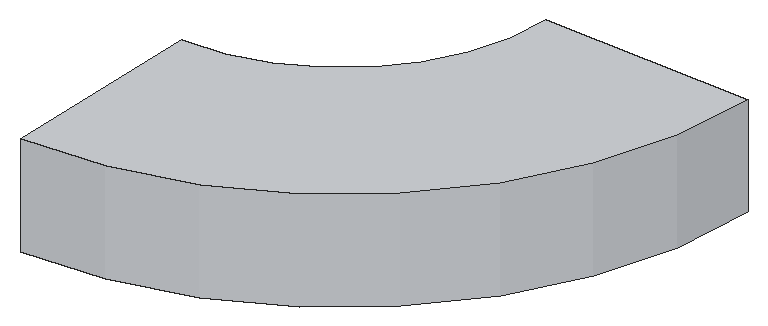
Revit family "M_Raio excêntrico do cotovelo retangular - DTL", category Conexões de duto, Revit 2019
Family settings
  Cota do conector redondo = Utilizar diâmetro
  Tipo de parte = Cotovelo
  Número OmniClass = 23.75.70.14
  Título OmniClass = Air Ductwork
  ID de item do Seek = Rectangular Elbow Eccentric Radius - DTL-0000-CAN-ENU
  Com base no plano de trabalho = Não
  Sempre na vertical = Sim
  Corte com vazios quando carregada = Não
  Compartilhado = Não
Parameters (values of type "Padrão")
  Visibilidade 2 [instance] = if(Comprimento 4 Vertical > Raio do centro, 1 > 0, Comprimento 3 + Entrada do comprimento reto < Comprimento 12 + 0.794 mm)  # no
  Visibilidade 1 [instance] = if(Comprimento 4 Vertical > Raio do centro, 0 > 1, or(Comprimento 3 + Entrada do comprimento reto > Comprimento 12 + 0.794 mm, Comprimento 3 + Entrada do comprimento reto = Comprimento 12 + 0.794 mm))  # yes
  Visibilidade da mudança superior [instance] = not(Mudança superior = 0 mm)  # no
  Visibilidade da saída reta [instance] = not(Entrada reta = 0 mm)  # no
  Saída reta [instance] = 0 mm
  Visibilidade da entrada reta [instance] = not(Entrada reta = 0 mm)  # no
  Entrada reta [instance] = 0 mm
  Saída de 1/4 de largura [instance] = Saída de largura / 4  # 228.6 mm
  Saída de 1/4 de altura [instance] = Mudança superior / 2  # 0 mm
  Deslocamento 2 [instance] = -1 * Entrada de meia largura  # -457.2 mm
  Comprimento 5 Vertical [instance] = Saída do comprimento reto * sin(Ângulo)  # 25.4 mm
  Comprimento 5 Horizontal [instance] = Saída do comprimento reto * cos(Ângulo)  # 0 mm
  Comprimento 4 Vertical [instance] = if(Saída reta = 0 mm, Comprimento 2 * cos(Ângulo) + Saída do comprimento reto * sin(Ângulo), Comprimento 2 * cos(Ângulo))  # 25.4 mm
  Comprimento 4 Horizontal [instance] = if(Saída reta = 0 mm, Comprimento 3 - Comprimento 2 * sin(Ângulo) + Saída do comprimento reto * cos(Ângulo), Comprimento 3 - Comprimento 2 * sin(Ângulo))  # 7315.2 mm
  Comprimento 3 [instance] = Comprimento 12 - Raio do centro * cos(Ângulo) / sin(Ângulo) + Comprimento 2 / sin(Ângulo)  # 8686.8 mm
  Comprimento 2 [instance] = Raio + Saída de largura / 2  # 1371.6 mm
  Comprimento 12 [instance] = 7315.2 mm  # constant formula
  Análise [instance] = if(Mudança superior = 0 mm, 1.587 mm, abs(Mudança superior))  # 1.587 mm
  Saída de meia largura [instance] = Saída de largura / 2  # 457.2 mm
  Entrada de meia largura [instance] = Entrada de largura / 2  # 457.2 mm
  Saída de meia profundidade [instance] = Saída de profundidade / 2  # 228.6 mm
  Entrada de largura [instance] = 914.4 mm
  Saída de largura [instance] = 914.4 mm
  built-in parameter 1114242 [instance] = (empty or 0)
  Mudança superior [instance] = 0 mm
  Saída do comprimento reto [instance] = if(Saída reta = 0 mm, 25.4 mm, Saída reta)  # 25.4 mm
  Entrada do comprimento reto [instance] = if(Entrada reta = 0 mm, 25.4 mm, Entrada reta)  # 25.4 mm
  Raio [instance] = 914.4 mm
  Largura do meio duto [instance] = if(Entrada de largura < Saída de largura, Saída de largura / 2, Entrada de largura / 2)  # 457.2 mm
  Meia largura vertical 2 [instance] = Meia largura vertical 1 + Mudança superior  # 457.2 mm
  Meia largura vertical 1 [instance] = if(Entrada de largura < Saída de largura, Saída de largura / 2, Entrada de largura / 2)  # 457.2 mm
  Deslocamento 1 [instance] = (Entrada de largura - Saída de largura) / 2  # 0 mm
  Saída de profundidade [instance] = 457.2 mm
  Entrada de profundidade [instance] = 457.2 mm
  Comprimento 1 [instance] = Raio do centro * tan(Ângulo / 2)  # 1371.6 mm
  Raio do centro [instance] = Raio + Entrada de largura / 2  # 1371.6 mm
  Mudança inferior [instance] = abs(Entrada de profundidade - Saída de profundidade) + Mudança superior  # 0 mm
  Ângulo [instance] = 90.00°
Reference planes
  plane 1 "Centro (Frente/Trás)": y = 0
  plane 2: z = 0
  plane 3 "Centro (Esquerda/Direita)": x = 0
  plane 4: z = -457.2
  plane 5: z = 457.2
  plane 6: z = 1.588
  plane 7: z = -1.588
  plane 8: x = 7315.2
  plane 9: y = 1371.6
  plane 10: x = -1371.6
  plane 11: x = -1371.6
  plane 12: x = -1346.2
  plane 13: x = 0
  plane 14: y = 1346.2
  plane 15: y = 1371.6
  plane 16: x = 0
  plane 17: y = -457.2
Forms (mm)
  SweptBlend 1, solid, detail levels medium+fine
    path in 3D
      loop
        arc (-1371.6, 0, 0) -> (-401.732, 401.732, 0) -> (0, 1371.6, 0) r 1371.6
    profile "M_Duto - Retangular : Duto - Retangular 1" origin (-1371.6, 0, 0) x (0, 1, 0) y (0, 0, 1)
      loop
        line (-457.2, 228.6) -> (-457.2, -228.6) -> (457.2, -228.6) -> (457.2, 228.6) -> (-457.2, 228.6)
    end profile "M_Duto - Retangular : Duto - Retangular 2" origin (0, 1371.6, 0) x (-1, 0, 0) y (0, 0, 1)
      loop
        line (-457.2, 228.6) -> (-457.2, -228.6) -> (457.2, -228.6) -> (457.2, 228.6) -> (-457.2, 228.6)
  Sweep 2, solid, visible <- "Visibilidade da saída reta", detail levels medium+fine
    path in 3D
      loop
        line (0, 1346.2, 0) -> (0, 1371.6, 0)
    profile "M_Duto - Retangular : Duto - Retangular 2" origin (0, 1358.9, 0) x (-1, 0, 0) y (0, 0, 1)
      loop
        line (-457.2, 228.6) -> (-457.2, -228.6) -> (457.2, -228.6) -> (457.2, 228.6) -> (-457.2, 228.6)
  Sweep 3, solid, not visible
    path in 3D
      loop
        line (0, 1346.2, 0) -> (0, 1371.6, 0)
    profile "M_Duto - Retangular : Duto - Meio retangular 1" origin (0, 1358.9, 0) x (-1, 0, 0) y (0, 0, 1)
      loop
        line (0, 0.794) -> (0, -0.794) -> (457.2, -0.794) -> (457.2, 0.794) -> (0, 0.794)
  Sweep 4, solid, visible <- "Visibilidade da entrada reta", detail levels medium+fine
    path in 3D
      loop
        line (-1346.2, -457.2, 0) -> (-1371.6, -457.2, 0)
    profile "M_Duto - Retangular : Duto - Retangular 1" origin (-1358.9, -457.2, 0) x (0, -1, 0) y (0, 0, 1)
      loop
        line (-914.4, 228.6) -> (-914.4, -228.6) -> (0, -228.6) -> (0, 228.6) -> (-914.4, 228.6)
Lines and regions (mm)
  model lines, detail levels coarse
    curve 1: line (258.862, 1260.5, 0.794) -> (258.862, 1260.5, -0.794)
  reference lines
    curve 2: arc (-1371.6, 0, 0) -> (-401.732, 401.732, 0) -> (0, 1371.6, 0) r 1371.6
    curve 11: line (-1346.2, -457.2, 0) -> (-1371.6, -457.2, 0)
  sketch lines
    curve 3: arc (-1371.6, 0, 0) -> (-401.732, 401.732, 0) -> (0, 1371.6, 0) r 1371.6
    curve 5: line (0, 1346.2, 0) -> (0, 1371.6, 0)
    curve 9: line (0, 1346.2, 0) -> (0, 1371.6, 0)
    curve 12: line (-1346.2, -457.2, 0) -> (-1371.6, -457.2, 0)
  model lines, not visible, detail levels coarse
    curve 4: line (0, 1346.2, 0) -> (0, 1371.6, 0)
  model lines, visible <- "Visibilidade 1", detail levels coarse
    curve 6: line (-1371.6, 0, 0) -> (0, 0, 0)
    curve 7: line (0, 0, 0) -> (0, 1371.6, 0)
  model lines, visible <- "Visibilidade 2", detail levels coarse
    curve 8: line (-1371.6, 0, 0) -> (0, 1371.6, 0)
  model lines, visible <- "Visibilidade da mudança superior", detail levels coarse
    curve 10: line (0, 1371.6, 0.794) -> (0, 1371.6, -0.794)
Dimensions and locks
  "Meia largura vertical 1": plane 4 to plane 2
  "Meia largura vertical 2": plane 2 to plane 5
  "Análise": plane 6 to plane 2
  "Análise": plane 7 to plane 2
  "Comprimento 12": plane 3 "Centro (Esquerda/Direita)" to plane 8
  "Raio do centro": plane 1 "Centro (Frente/Trás)" to plane 9
  "Comprimento 3": plane 10 to plane 8
  "Entrada reta": plane 11 to plane 10
  "Entrada do comprimento reto": plane 11 to plane 12
  "Comprimento 4 Horizontal": plane 13 to plane 8
  "Comprimento 4 Vertical": plane 9 to plane 14
  "Comprimento 5 Horizontal": plane 13 to plane 16
  "Comprimento 5 Vertical": plane 15 to plane 14
  "Entrada de meia largura": plane 17 to plane 1 "Centro (Frente/Trás)"
  "Raio do centro": radius of curve 2
  "Ângulo": angle curve 2 to curve 2
  aligned and locked: plane 10 to curve 2  (x2)
  aligned and locked: plane 9 to curve 2
  aligned and locked: plane 16 to curve 4
  aligned and locked: plane 14 to curve 4
  aligned and locked: plane 13 to curve 4
  aligned and locked: plane 1 "Centro (Frente/Trás)" to curve 7
  aligned and locked: plane 3 "Centro (Esquerda/Direita)" to curve 7
  aligned and locked: plane 15 to curve 7
  aligned and locked: plane 1 "Centro (Frente/Trás)" to curve 8
  aligned and locked: curve 10 to Sweep 3
  aligned and locked: plane 11 to curve 11
  aligned and locked: plane 12 to curve 11
  aligned and locked: curve 11 to plane 17
Automatic sketch dimensions
  curve 1 to level = 0.794 mm
  level to curve 1 = 0.794 mm
  curve 10 to Sweep 3 = 0 mm  (x2)
  curve 8 to plane 11 = 0 mm
Connectors
  hvac at (-1371.6, 0, 0), driven by "Ângulo", driven by "Entrada de profundidade", driven by "Entrada de largura"
    settings: on Sweep 4, index 1, duct flow 0.0 L/s, flow factor 0, pres drop 0.0 Pa, loss coef 0, conn angle 90.00°, conn width 914.4 mm, conn height 457.2 mm, conn diameter 609.6 mm, duct sys type 28, conn prof type 1, flow config 0, flow direction 0, loss method 0, conn ref index 2, conn util no, is conn primary yes, conn desc ""
  hvac at (0, 1371.6, 0), driven by "Ângulo", driven by "Saída de profundidade", driven by "Saída de largura"
    settings: on Sweep 2, index 2, duct flow 0.0 L/s, flow factor 0, pres drop 0.0 Pa, loss coef 0, conn angle 90.00°, conn width 914.4 mm, conn height 457.2 mm, conn diameter 609.6 mm, duct sys type 28, conn prof type 1, flow config 0, flow direction 0, loss method 0, conn ref index 1, conn util no, is conn primary no, conn desc ""
